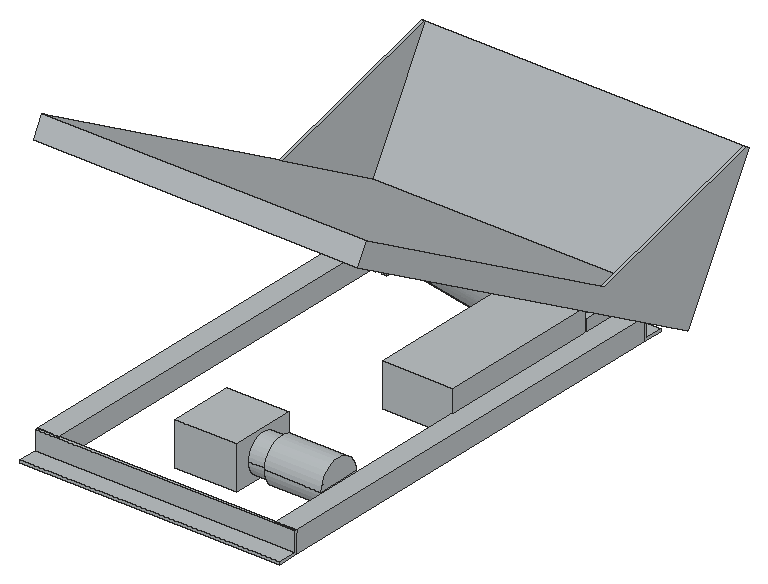
Revit family "DockEquipment_TiltTable_Pentalift_Pro", category Specialty Equipment, Revit 2026
Family settings
  Round Connector Dimension = Use Diameter
  Part Type = Normal
  Work Plane-Based = Yes
  Enable Cutting in Views = No
  Always vertical = No
  Cut with Voids When Loaded = No
  Maintain Annotation Orientation = No
  Shared = No
  Room Calculation Point = No
Parameters
  offset [instance] = 0' - 0"
  Warranty Duration (Years) = 0
  Unit Width = 2' - 0"
  Unit Length = 3' - 8"
  URL = "http://www.pentalift.com/index.php"
  TiltVert [instance] = (((Platform Length - 0' 2") / 2) * sin(Tilt Angle)) + 0' 3"  # 1' - 1 1/2"
  TiltHor [instance] = (((Platform Length - 0' 2") / 2) * cos(Tilt Angle)) - 0' 2 1/2"  # 1' - 3.68653"
  Tilt Angle [instance] = 30.00°
  Specification = ""
  SpecWizard = ""
  Send Message = "http://www.arcat.com/users.pl?action=UserEmail&company=Pentalift Equipment Corp.&coid=34752&rep=119&fax=519-763-2894&mf="
  Sales Information = "http://www.pentalift.com/about-us.htm"
  Revision = "R1_01-2012"
  Product Properties = ""
  Product Data = "http://www.arcat.com/arcatcos/cos34/arc34752.html"
  Platform Width [instance] = 2' - 6"
  Platform Length [instance] = 3' - 8"
  PistonLength [instance] = TiltVert / sin(PistonAngle)  # 1' - 8.69583"
  PistonAngle [instance] = atan(TiltVert / TiltHor)  # 40.7156°
  Model = "As Specified"
  Material [instance] = Metal - Steel - Pentalift - Painted - Gray
  Manufacturer Website = "http://www.pentalift.com/index.php"
  Manufacturer Phone - Toll Free = ""
  Manufacturer Phone = "519-763-3625 "
  Manufacturer Fax = "519-763-2894"
  Manufacturer Address = "21 Nicholas Beaver Rd. Guelph, ON, Canada N1H 6H9 "
  Manufacturer = "Pentalift Equipment Corp."
  Maintenance Schedule (Months) = 0
  Keynote = "11160"
  Installation-Fabrication = ""
  Installation Phase = ""
  Green Building-LEED = ""
  Expected Lifespan (Years) = 0
  Drawn By = "Sumex Design, Inc. / Robert S. Weygant, CSI, CDT, SCIP"
  Description = "Pentalift Dock Equipment as Specified"
  Default Elevation = 4' - 0"
  Copyright = "©Arcat Inc."
  Construction Details = "http://www.arcat.com/details/pentalif/pentalif.html?coid=34752"
  Capacity (Weight) = 0.00 kip
  Assembly Code = "E1030300"
Reference planes (in)
  plane 1 "Center (Front/Back)": y = 0
  plane 2 "Bottom": z = 0
  plane 3 "Center (Left/Right)": x = 0
  plane 4 "Front": y = -22
  plane 5 "Back": y = 22
  plane 6 "Left": x = -12
  plane 7 "Right": x = 12
  plane 8: x = -12
  plane 9: x = 12
  plane 10: y = 20
  plane 11: y = -20
  plane 12: z = 2
  plane 13: z = 3
  plane 14: x = -15
  plane 15: x = 15
  plane 16: y = 17.5
Forms (in)
  Extrusion 1, solid, material "Metal - Steel - Pentalift - Painted - Gray" <- "Material"
    sketch origin (-38.56132, 20, 48) x (-1, 0, 0) y (0, 0, 1)
      loop
        line (-26.56132, -48) -> (-26.56132, -46) -> (-28.56132, -46) -> (-28.56132, -48) -> (-26.56132, -48)
      loop
        line (-50.56132, -48) -> (-48.56132, -48) -> (-48.56132, -46) -> (-50.56132, -46) -> (-50.56132, -48)
    from 0 to -40
  Extrusion 2, solid, material "Metal - Steel - Pentalift - Painted - Gray" <- "Material"
    sketch origin (-12, 55.3623, 48) x (0, 1, 0) y (0, 0, 1)
      loop
        line (-75.3623, -46) -> (-75.6123, -46) -> (-75.6123, -47.75) -> (-77.3623, -47.75) -> (-77.3623, -48) -> (-75.3623, -48) -> (-75.3623, -46)
      loop
        line (-35.3623, -46) -> (-35.3623, -48) -> (-33.3623, -48) -> (-33.3623, -47.75) -> (-35.1123, -47.75) -> (-35.1123, -46) -> (-35.3623, -46)
    from 0 to 24
  Extrusion 3, solid, material "Metal - Steel - Pentalift - Painted - Gray" <- "Material"
    sketch origin (0, 20, 3) x (0, -0.866025, 0.5) y (0, -0.5, -0.866025)
      loop
        line (-2, 0.75) -> (-2, -13.25) -> (-1.75, -13.25) -> (-1.75, -1.25) -> (42, -1.25) -> (42, 0.75) -> (-2, 0.75)
    from -15 to 15
  Extrusion 4, solid, material "Metal - Steel - Pentalift - Painted - Gray" <- "Material"
    sketch origin (0, 0, 0) x (1, 0, 0) y (0, 1, 0)
      loop
        line (-10, 20) -> (-10, 16) -> (-9.5, 16) -> (-9.5, 20) -> (-10, 20)
      loop
        line (-9, 20) -> (-9, 16) -> (-8.5, 16) -> (-8.5, 20) -> (-9, 20)
      loop
        line (10, 20) -> (9.5, 20) -> (9.5, 16) -> (10, 16) -> (10, 20)
      loop
        line (9, 20) -> (8.5, 20) -> (8.5, 16) -> (9, 16) -> (9, 20)
    from 0 to 3
  Extrusion 5, solid, material "Metal - Steel - Pentalift - Painted - Gray" <- "Material"
    sketch origin (0, 0, 0) x (1, 0, 0) y (0, 1, 0)
      loop
        line (-2.84162, -15.61637) -> (2.90838, -15.61637) -> (2.90838, -9.61637) -> (-2.84162, -9.61637) -> (-2.84162, -15.61637)
    from 0 to 4
  Extrusion 6, solid, material "Metal - Steel - Pentalift - Painted - Gray" <- "Material"
    sketch origin (0, 0, 0) x (1, 0, 0) y (0, 1, 0)
      loop
        line (10, 15.75) -> (3.5, 15.75) -> (3.5, 0.5) -> (10, 0.5) -> (10, 15.75)
    from 0 to 4
  Revolve 7, solid, material "Metal - Steel - Pentalift - Painted - Gray" <- "Material"
    sketch origin (0, 40.18474, 2) x (0, 1, 0) y (-1, 0, 0)
      loop
        line (-52.80112, -2.90838) -> (-52.80112, -9.90838) -> (-50.80112, -9.90838) -> (-50.80112, -4.65838) -> (-51.05112, -4.65838) -> (-51.05112, -2.90838) -> (-52.80112, -2.90838)
      axis (-52.80112, -2.90838) -> (-52.80112, -9.90838)
    angle from 0 to 360
  Extrusion 8, solid, material "Metal - Steel - Pentalift - Painted - Gray" <- "Material"
    sketch origin (0, 20, 3) x (0, -0.866025, 0.5) y (0, -0.5, -0.866025)
      loop
        line (-1.75, -13.25) -> (10.25, -1.25) -> (-1.75, -1.25) -> (-1.75, -13.25)
    from -15 to -14.75
  Extrusion 9, solid, material "Metal - Steel - Pentalift - Painted - Gray" <- "Material"
    sketch origin (0, 20, 3) x (0, -0.866025, 0.5) y (0, -0.5, -0.866025)
      loop
        line (-1.75, -13.25) -> (10.25, -1.25) -> (-1.75, -1.25) -> (-1.75, -13.25)
    from 14.75 to 15
  Revolve 10, solid, material "Metal - Steel - Pentalift - Painted - Gray" <- "Material"
    sketch origin (0, 17.5, 0) x (0, -0.757956, 0.652305) y (0, -0.652305, -0.757956)
      loop
        line (2, 0) -> (20.69583, 0) -> (20.69583, 0.75) -> (11.34791, 0.75) -> (11.34791, 1) -> (2, 1) -> (2, 0)
      axis (2, 0) -> (20.69583, 0)
    angle from 0 to 360
Cuts and joins
  joined: Extrusion 3, Extrusion 8, Extrusion 9
Lines and regions (in)
  reference lines
    curve 1: line (0, 20, 3) -> (0, -7.71281, 19)
    curve 2: line (0, 17.5, 0) -> (0, 6.50963, 9.45843)
Dimensions and locks (in)
  equal spacing: plane 6 "Left", plane 3 "Center (Left/Right)", plane 7 "Right"
  "Unit Width": plane 6 "Left" to plane 7 "Right"
  equal spacing: plane 5 "Back", plane 1 "Center (Front/Back)", plane 4 "Front"
  "Unit Length": plane 5 "Back" to plane 4 "Front"
  locked: plane 9 to plane 7 "Right"
  locked: plane 6 "Left" to plane 8
  locked: plane 11 to plane 4 "Front" at 2
  locked: plane 5 "Back" to plane 10 at 2
  plane 12 to level = 0' - 2"
  locked: plane 13 to plane 12 at 1
  locked: Extrusion 3 sketch curve to curve 1 at 2
  "Platform Length": Extrusion 3 sketch curve to Extrusion 3 sketch curve
  equal spacing: plane 14, plane 3 "Center (Left/Right)", plane 15
  "Platform Width": plane 14 to plane 15
  locked: plane 15 to Extrusion 9 at 0.25
  locked: Extrusion 8 to plane 14 at 0.25
  locked: plane 10 to plane 16 at 2.5
  "PistonLength": curve 2 to Revolve 10 sketch curve
  locked: Revolve 10 sketch curve to curve 2 at 2
  equal spacing: Revolve 10 sketch curve, Revolve 10 sketch curve, Revolve 10 sketch curve
  "Tilt Angle": angle plane 13 to curve 1
  "PistonAngle": angle level to curve 2
  aligned and locked: Extrusion 1 to plane 11
  aligned and locked: Extrusion 2 to plane 9
  aligned and locked: plane 15 to Extrusion 3
  aligned and locked: Extrusion 3 to plane 14
  aligned and locked: Extrusion 8 to plane 14
  aligned and locked: plane 15 to Extrusion 9
Automatic sketch dimensions
  Extrusion 1 sketch curve to plane 9 = 0' - 0"
  Extrusion 1 sketch curve to level = 0' - 0"  (x2)
  Extrusion 1 sketch curve to plane 8 = 0' - 0"
  plane 12 to Extrusion 1 sketch curve = 0' - 0"  (x2)
  Extrusion 1 sketch curve to Extrusion 1 sketch curve = 0' - 2"  (x2)
  Extrusion 2 sketch curve to plane 4 "Front" = 0' - 0"
  Extrusion 2 sketch curve to level = 0' - 0"  (x2)
  Extrusion 2 sketch curve to plane 11 = 0' - 0"
  Extrusion 2 sketch curve to plane 11 = 0' - 0 1/4"
  level to Extrusion 2 sketch curve = 0' - 0 1/4"  (x2)
  plane 12 to Extrusion 2 sketch curve = 0' - 0"  (x2)
  Extrusion 2 sketch curve to plane 10 = 0' - 0"
  Extrusion 2 sketch curve to plane 5 "Back" = 0' - 0"
  plane 10 to Extrusion 2 sketch curve = 0' - 0 1/4"
  Extrusion 3 sketch curve to curve 1 = 0' - 0 3/4"
  Extrusion 3 sketch curve to curve 1 = 1' - 1 1/4"
  Extrusion 3 sketch curve to curve 1 = 0' - 1 3/4"
  Extrusion 3 sketch curve to curve 1 = 0' - 1 1/4"
  Extrusion 4 sketch curve to plane 10 = 0' - 0"  (x4)
  plane 6 "Left" to Extrusion 4 sketch curve = 0' - 2"
  Extrusion 4 sketch curve to Extrusion 4 sketch curve = 0' - 0 1/2"  (x6)
  Extrusion 4 sketch curve to plane 7 "Right" = 0' - 3 1/2"
  Extrusion 4 sketch curve to plane 10 = 0' - 4"  (x2)
  Extrusion 4 sketch curve to Extrusion 4 sketch curve = 0' - 0"  (x2)
  Extrusion 5 sketch curve to plane 3 "Center (Left/Right)" = 0' - 2.84162"
  plane 3 "Center (Left/Right)" to Extrusion 5 sketch curve = 0' - 2.90838"
  plane 11 to Extrusion 5 sketch curve = 0' - 4.38363"
  Extrusion 5 sketch curve to Extrusion 5 sketch curve = 0' - 6"
  plane 3 "Center (Left/Right)" to Extrusion 6 sketch curve = 0' - 3 1/2"
  Extrusion 6 sketch curve to plane 1 "Center (Front/Back)" = 0' - 0 1/2"
  Extrusion 6 sketch curve to plane 7 "Right" = 0' - 2"
  Extrusion 6 sketch curve to plane 10 = 0' - 4 1/4"
  plane 3 "Center (Left/Right)" to Revolve 7 sketch curve = 0' - 2.90838"
  plane 11 to Revolve 7 sketch curve = 0' - 7.38363"
  Revolve 7 sketch curve to Revolve 7 sketch curve = 0' - 0"
  Revolve 7 sketch curve to Revolve 7 sketch curve = 0' - 1 3/4"  (x2)
  Revolve 7 sketch curve to Revolve 7 sketch curve = 0' - 2"
  Revolve 7 sketch curve to plane 7 "Right" = 0' - 2.09162"
  Revolve 7 sketch curve to plane 7 "Right" = 0' - 0.34162"
  Revolve 7 sketch curve to Revolve 7 sketch curve = 0' - 1"
  Extrusion 8 sketch curve to curve 1 = 0' - 1 3/4"
  curve 1 to Extrusion 8 sketch curve = 0' - 1 1/4"
  curve 1 to Extrusion 8 sketch curve = 0' - 10 1/4"
  Extrusion 8 sketch curve to curve 1 = 1' - 1 1/4"
  Extrusion 9 sketch curve to curve 1 = 0' - 1 3/4"
  curve 1 to Extrusion 9 sketch curve = 0' - 1 1/4"
  curve 1 to Extrusion 9 sketch curve = 0' - 10 1/4"
  Extrusion 9 sketch curve to curve 1 = 1' - 1 1/4"
  curve 2 to level = 0' - 0"
  curve 2 to plane 16 = 0' - 0"
  curve 1 to plane 10 = 0' - 0"
  curve 1 to plane 13 = 0' - 0"
  Revolve 10 sketch curve to curve 2 = 0' - 0"  (x2)
  Revolve 10 sketch curve to curve 2 = 0' - 1"
  curve 2 to Revolve 10 sketch curve = 0' - 0 1/4"
  Revolve 10 sketch curve to Revolve 10 sketch curve = 0' - 3 1/4"
  Revolve 10 sketch curve to Revolve 10 sketch curve = 0' - 0 1/4"
